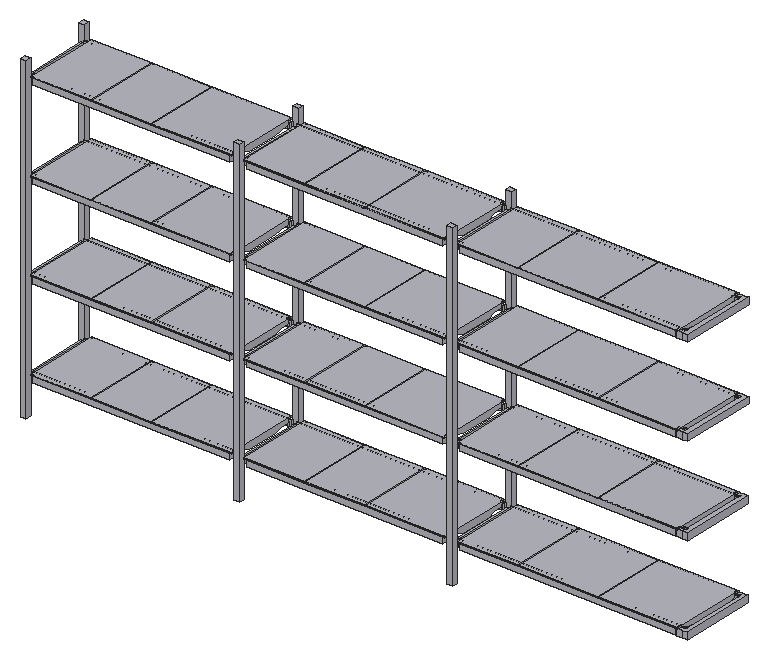
Revit family "QF_BOURGEAT_Rayonnage_modulaire_étagère_retour_Polypropylène", category Equipement spécialisé, Revit 2015
Parameters
  demi profondeur [instance] = Profondeur / 2  # 212.5 mm
  URL catalogue = "http://www.bourgeat.fr"
  URL = ""
  Type article = "Etagères de Base clayette polypropylène"
  Spécification du Fabricant = ""
  Profondeur hors tout = Profondeur  # 425 mm
  Longueur longeron 3 = if(LP3 = 1, 800 mm, if(LP3 = 2, 905 mm, if(LP3 = 3, 1015 mm, if(LP3 = 4, 1125 mm, if(LP3 = 5, 1230 mm, if(LP3 = 6, 1340 mm, if(LP3 = 7, 1450 mm, if(LP3 = 8, 1560 mm, if(LP3 = 9, 1665 mm, 800 mm)))))))))  # 1230 mm
  Longueur longeron 2 = if(LP2 = 1, 800 mm, if(LP2 = 2, 905 mm, if(LP2 = 3, 1015 mm, if(LP2 = 4, 1125 mm, if(LP2 = 5, 1230 mm, if(LP2 = 6, 1340 mm, if(LP2 = 7, 1450 mm, if(LP2 = 8, 1560 mm, if(LP2 = 9, 1665 mm, 800 mm)))))))))  # 1125 mm
  Longueur longeron 1 = if(LP1 = 1, 800 mm, if(LP1 = 2, 905 mm, if(LP1 = 3, 1015 mm, if(LP1 = 4, 1125 mm, if(LP1 = 5, 1230 mm, if(LP1 = 6, 1340 mm, if(LP1 = 7, 1450 mm, if(LP1 = 8, 1560 mm, if(LP1 = 9, 1665 mm, 800 mm)))))))))  # 1125 mm
  Longueur hors tout = Longueur  # 4010 mm
  Longueur entraxe 3 = if(LP3 = 1, 773 mm, if(LP3 = 2, 878 mm, if(LP3 = 3, 988 mm, if(LP3 = 4, 1093 mm, if(LP3 = 5, 1203 mm, if(LP3 = 6, 1313 mm, if(LP3 = 7, 1418 mm, if(LP3 = 8, 1528 mm, if(LP3 = 9, 1638 mm, 773 mm)))))))))  # 1203 mm
  Longueur entraxe 2 = if(LP2 = 1, 773 mm, if(LP2 = 2, 878 mm, if(LP2 = 3, 988 mm, if(LP2 = 4, 1093 mm, if(LP2 = 5, 1203 mm, if(LP2 = 6, 1313 mm, if(LP2 = 7, 1418 mm, if(LP2 = 8, 1528 mm, if(LP2 = 9, 1638 mm, 773 mm)))))))))  # 1093 mm
  Longueur entraxe 1 = if(LP1 = 1, 773 mm, if(LP1 = 2, 878 mm, if(LP1 = 3, 988 mm, if(LP1 = 4, 1093 mm, if(LP1 = 5, 1203 mm, if(LP1 = 6, 1313 mm, if(LP1 = 7, 1418 mm, if(LP1 = 8, 1528 mm, if(LP1 = 9, 1638 mm, 773 mm)))))))))  # 1093 mm
  Plateau 4 niveau [instance] = 5
  Plateau 3 niveau [instance] = 7
  Plateau 3 = Longueur retour > 3321 mm  # yes
  Plateau 2 niveau [instance] = 3
  Plateau 2 = Longueur retour > 1671 mm  # yes
  Plateau 1 niveau [instance] = 1
  Pl4N [instance] = if(Plateau 4 niveau < 1, 1, if(Plateau 4 niveau > 7, 7, Plateau 4 niveau))  # 5
  Pl3N [instance] = if(Plateau 3 niveau < 1, 1, if(Plateau 3 niveau > 7, 7, Plateau 3 niveau))  # 7
  Pl2N [instance] = if(Plateau 2 niveau < 1, 1, if(Plateau 2 niveau > 7, 7, Plateau 2 niveau))  # 3
  Pl1N [instance] = if(Plateau 1 niveau < 1, 1, if(Plateau 1 niveau > 7, 7, Plateau 1 niveau))  # 1
  Model = ""
  Longueur Plateau 3 = if(LP3 = 1, 758 mm, if(LP3 = 2, 866 mm, if(LP3 = 3, 975 mm, if(LP3 = 4, 1083 mm, if(LP3 = 5, 1191 mm, if(LP3 = 6, 1299 mm, if(LP3 = 7, 1408 mm, if(LP3 = 8, 1516 mm, if(LP3 = 9, 1624 mm, 758 mm)))))))))  # 1191 mm
  Longueur Plateau 2 = if(LP2 = 1, 758 mm, if(LP2 = 2, 866 mm, if(LP2 = 3, 975 mm, if(LP2 = 4, 1083 mm, if(LP2 = 5, 1191 mm, if(LP2 = 6, 1299 mm, if(LP2 = 7, 1408 mm, if(LP2 = 8, 1516 mm, if(LP2 = 9, 1624 mm, 758 mm)))))))))  # 1083 mm
  Longueur Plateau 1 = if(LP1 = 1, 758 mm, if(LP1 = 2, 866 mm, if(LP1 = 3, 975 mm, if(LP1 = 4, 1083 mm, if(LP1 = 5, 1191 mm, if(LP1 = 6, 1299 mm, if(LP1 = 7, 1408 mm, if(LP1 = 8, 1516 mm, if(LP1 = 9, 1624 mm, 758 mm)))))))))  # 1083 mm
  Longueur retour = Longueur - Epaisseur de retour  # 3595 mm
  Profondeur = 425 mm
  Longueur = 4010 mm
  Longeron = Acier inoxydable
  LP3 = 5
  LP2 = 4
  LP1 = 4
  Jeu = Longueur retour - (Longueur entraxe 1 + if(LP2 = 0, 0 mm, Longueur entraxe 2) + if(LP3 = 0, 0 mm, Longueur entraxe 3)) - 32 mm  # 174 mm
  HtPl4 [instance] = if(Pl4N * 240 mm - 23 mm < 0 mm, 0 mm, Pl4N * 240 mm - 23 mm)  # 1177 mm
  HtPl3 [instance] = if(Pl3N * 240 mm - 23 mm < 0 mm, 0 mm, Pl3N * 240 mm - 23 mm)  # 1657 mm
  HtPl2 [instance] = if(Pl2N * 240 mm - 23 mm < 0 mm, 0 mm, Pl2N * 240 mm - 23 mm)  # 697 mm
  HtPl1 [instance] = if(Pl1N * 240 mm - 23 mm < 0 mm, 0 mm, Pl1N * 240 mm - 23 mm)  # 217 mm
  Hauteur hors tout = 1730 mm
  Fabricant = "BOURGEAT"
  Epaisseur de retour = Profondeur - 10 mm  # 415 mm
  Description = ""
  Contact SAV = "0033(4).76.32.14.44"
  Type Comments = ""
  Clayette = Acier inoxydable
  Certification = "NF hygiene alimentaire"
  CentPl3 = if(LP3 = 0, 773 mm / 2, (Longueur retour - Calagepl3 - 32 mm) / 2)  # 630.5 mm
  CentPl2 = if(LP2 = 0, 773 mm / 2, if(LP3 = 0, (Longueur retour - Calagepl2 - 32 mm) / 2, (Calagepl3 - Calagepl2) / 2))  # 575.5 mm
  CentPl1 = if(LP2 = 0, (Longueur retour - 32 mm) / 2, Calagepl2 / 2)  # 575.5 mm
  Calagepl3 = if(Longueur retour < 3420 mm, 0 mm, Calagepl2 + if(Jeu < 0 mm, 0 mm, if(LP2 = 0, Jeu, if(LP3 = 0, Jeu / 2, Jeu / 3))) + Longueur entraxe 2)  # 2302 mm
  Calagepl2 = if(LP2 = 0, Jeu, if(LP3 = 0, Jeu / 2, Jeu / 3) + Longueur entraxe 1)  # 1151 mm
  4 niveaux plateau 3 = and([4 niveaux], Plateau 3)  # yes
  4 niveaux Plateau 2 = and([4 niveaux], Plateau 2)  # yes
  4 niveaux = yes
Reference planes
  plane 1 "Centre (avant/arrière)": y = 0
  plane 2: z = 0
  plane 3 "Centre (gauche/droite)": x = 0
  plane 4 "Gauche": x = -1797.5
  plane 5: x = 1797.5
  plane 6: y = 212.5
  plane 7: y = -212.5
  plane 8: x = -630.5
  plane 9: x = 520.5
  plane 10: z = 217
  plane 11: z = 697
  plane 12: z = 1657
  plane 13: z = 1177
  plane 14: x = -1781.5
  plane 15 "Droite": x = 1781.5
  plane 16: x = -1206
  plane 17: x = -55
  plane 18: x = 1151
  plane 19: x = 2212.5
Dimensions and locks
  equal spacing: plane 6, plane 1 "Centre (avant/arrière)", plane 7
  "Profondeur": plane 6 to plane 7
  "HtPl1": plane 10 to plane 2
  "HtPl2": plane 11 to plane 2
  "HtPl3": plane 12 to plane 2
  "HtPl4": plane 13 to plane 2
  equal spacing: plane 4 "Gauche", plane 3 "Centre (gauche/droite)", plane 5
  locked: plane 4 "Gauche" to plane 14 at 16
  locked: plane 15 "Droite" to plane 5 at 16
  "Calagepl2": plane 14 to plane 8
  "Calagepl3": plane 14 to plane 9
  "CentPl1": plane 14 to plane 16
  "CentPl2": plane 8 to plane 17
  "CentPl3": plane 9 to plane 18
  "Epaisseur de retour": plane 5 to plane 19
  "Longueur": plane 4 "Gauche" to plane 19
  aligned and locked: level to plane 2
  aligned and locked: plane 1 "Centre (avant/arrière)" to nested 1
  aligned and locked: plane 1 "Centre (avant/arrière)" to nested 3
  aligned and locked: plane 1 "Centre (avant/arrière)" to nested 4
  aligned and locked: plane 14 to nested 5
  aligned and locked: plane 8 to nested 6
  aligned and locked: plane 9 to nested 7
  aligned and locked: nested 5 to plane 1 "Centre (avant/arrière)"
  aligned and locked: plane 1 "Centre (avant/arrière)" to nested 6
  aligned and locked: plane 1 "Centre (avant/arrière)" to nested 7
  aligned and locked: plane 10 to nested 8
  aligned and locked: plane 10 to nested 9
  aligned and locked: plane 10 to nested 10
  aligned and locked: plane 11 to nested 11
  aligned and locked: plane 11 to nested 12
  aligned and locked: plane 11 to nested 13
  aligned and locked: plane 13 to nested 15
  aligned and locked: plane 13 to nested 16
  aligned and locked: plane 13 to nested 14
  aligned and locked: plane 12 to nested 17
  aligned and locked: plane 12 to nested 18
  aligned and locked: plane 12 to nested 19
  aligned and locked: plane 16 to nested 8
  aligned and locked: plane 16 to nested 11
  aligned and locked: plane 16 to nested 14
  aligned and locked: plane 16 to nested 17
  aligned and locked: plane 17 to nested 9
  aligned and locked: plane 17 to nested 12
  aligned and locked: plane 17 to nested 15
  aligned and locked: plane 17 to nested 18
  aligned and locked: plane 18 to nested 10
  aligned and locked: plane 18 to nested 13
  aligned and locked: plane 18 to nested 16
  aligned and locked: plane 18 to nested 19
  aligned and locked: nested 8 to plane 1 "Centre (avant/arrière)"
  aligned and locked: plane 1 "Centre (avant/arrière)" to nested 9
  aligned and locked: plane 1 "Centre (avant/arrière)" to nested 10
  aligned and locked: nested 11 to plane 1 "Centre (avant/arrière)"
  aligned and locked: plane 1 "Centre (avant/arrière)" to nested 12
  aligned and locked: plane 1 "Centre (avant/arrière)" to nested 13
  aligned and locked: nested 14 to plane 1 "Centre (avant/arrière)"
  aligned and locked: plane 1 "Centre (avant/arrière)" to nested 15
  aligned and locked: plane 1 "Centre (avant/arrière)" to nested 16
  aligned and locked: nested 17 to plane 1 "Centre (avant/arrière)"
  aligned and locked: plane 1 "Centre (avant/arrière)" to nested 18
  aligned and locked: plane 1 "Centre (avant/arrière)" to nested 19
  aligned and locked: nested 4 to plane 5
  aligned and locked: nested 3 to plane 5
  aligned and locked: nested 2 to plane 5
  aligned and locked: nested 1 to plane 5
Nested families
  nested 1: "Element angle" at (1797.5, 0, 215) x (0, -1, 0) z (0, 0, 1), type "Element angle"
    with Longueur 425 mm
  nested 2: "Element angle" at (1797.5, 0, 695) x (0, -1, 0) z (0, 0, 1), type "Element angle"
    with Longueur 425 mm
  nested 3: "Element angle" at (1797.5, 0, 1175) x (0, -1, 0) z (0, 0, 1), visible <- "4 niveaux", type "Element angle"
    with Longueur 425 mm
  nested 4: "Element angle" at (1797.5, 0, 1655) x (0, -1, 0) z (0, 0, 1), type "Element angle"
    with Longueur 425 mm
  nested 5: "Portique" at (-1797.5, 0, 0), type "Portique"
    with Largeur 425 mm
  nested 6: "Portique" at (-646.5, 0, 0), visible <- "Plateau 2", type "Portique"
    with Largeur 425 mm
  nested 7: "Portique" at (504.5, 0, 0), visible <- "Plateau 3", type "Portique"
    with Largeur 425 mm
  nested 8: "Plateau" at (-1206, 0, 217), Largeur <- "Profondeur", Longueur <- "Longueur Plateau 1", Longueur Longeron <- "Longueur longeron 1", type "Plateau polypropylène"
    with Longueur4 433 mm, Longueur3 1083 mm, Longueur2 650 mm, Longueur1 325 mm, Longueur Longeron 1125 mm, Longueur 1083 mm, Largeur 425 mm, Clayette4 no, Clayette3 yes, Clayette 4 433 mm, Clayette 3 433 mm, Clayette 2 325 mm, Clayette 1 325 mm
  nested 9: "Plateau" at (-55, 0, 217), Largeur <- "Profondeur", Longueur <- "Longueur Plateau 2", Longueur Longeron <- "Longueur longeron 2", visible <- "Plateau 2", type "Plateau polypropylène"
    with Longueur4 433 mm, Longueur3 1083 mm, Longueur2 650 mm, Longueur1 325 mm, Longueur Longeron 1125 mm, Longueur 1083 mm, Largeur 425 mm, Clayette4 no, Clayette3 yes, Clayette 4 433 mm, Clayette 3 433 mm, Clayette 2 325 mm, Clayette 1 325 mm
  nested 10: "Plateau" at (1151, 0, 217), Largeur <- "Profondeur", Longueur <- "Longueur Plateau 3", Longueur Longeron <- "Longueur longeron 3", visible <- "Plateau 3", type "Plateau polypropylène"
    with Longueur4 433 mm, Longueur3 1191 mm, Longueur2 758 mm, Longueur1 325 mm, Longueur Longeron 1230 mm, Longueur 1191 mm, Largeur 425 mm, Clayette4 no, Clayette3 yes, Clayette 4 433 mm, Clayette 3 433 mm, Clayette 2 433 mm, Clayette 1 325 mm
  nested 11: "Plateau" at (-1206, 0, 697), Largeur <- "Profondeur", Longueur <- "Longueur Plateau 1", Longueur Longeron <- "Longueur longeron 1", type "Plateau polypropylène"
    with Longueur4 433 mm, Longueur3 1083 mm, Longueur2 650 mm, Longueur1 325 mm, Longueur Longeron 1125 mm, Longueur 1083 mm, Largeur 425 mm, Clayette4 no, Clayette3 yes, Clayette 4 433 mm, Clayette 3 433 mm, Clayette 2 325 mm, Clayette 1 325 mm
  nested 12: "Plateau" at (-55, 0, 697), Largeur <- "Profondeur", Longueur <- "Longueur Plateau 2", Longueur Longeron <- "Longueur longeron 2", visible <- "Plateau 2", type "Plateau polypropylène"
    with Longueur4 433 mm, Longueur3 1083 mm, Longueur2 650 mm, Longueur1 325 mm, Longueur Longeron 1125 mm, Longueur 1083 mm, Largeur 425 mm, Clayette4 no, Clayette3 yes, Clayette 4 433 mm, Clayette 3 433 mm, Clayette 2 325 mm, Clayette 1 325 mm
  nested 13: "Plateau" at (1151, 0, 697), Largeur <- "Profondeur", Longueur <- "Longueur Plateau 3", Longueur Longeron <- "Longueur longeron 3", visible <- "Plateau 3", type "Plateau polypropylène"
    with Longueur4 433 mm, Longueur3 1191 mm, Longueur2 758 mm, Longueur1 325 mm, Longueur Longeron 1230 mm, Longueur 1191 mm, Largeur 425 mm, Clayette4 no, Clayette3 yes, Clayette 4 433 mm, Clayette 3 433 mm, Clayette 2 433 mm, Clayette 1 325 mm
  nested 14: "Plateau" at (-1206, 0, 1177), Largeur <- "Profondeur", Longueur <- "Longueur Plateau 1", Longueur Longeron <- "Longueur longeron 1", visible <- "4 niveaux", type "Plateau polypropylène"
    with Longueur4 433 mm, Longueur3 1083 mm, Longueur2 650 mm, Longueur1 325 mm, Longueur Longeron 1125 mm, Longueur 1083 mm, Largeur 425 mm, Clayette4 no, Clayette3 yes, Clayette 4 433 mm, Clayette 3 433 mm, Clayette 2 325 mm, Clayette 1 325 mm
  nested 15: "Plateau" at (-55, 0, 1177), Largeur <- "Profondeur", Longueur <- "Longueur Plateau 2", Longueur Longeron <- "Longueur longeron 2", visible <- "4 niveaux Plateau 2", type "Plateau polypropylène"
    with Longueur4 433 mm, Longueur3 1083 mm, Longueur2 650 mm, Longueur1 325 mm, Longueur Longeron 1125 mm, Longueur 1083 mm, Largeur 425 mm, Clayette4 no, Clayette3 yes, Clayette 4 433 mm, Clayette 3 433 mm, Clayette 2 325 mm, Clayette 1 325 mm
  nested 16: "Plateau" at (1151, 0, 1177), Largeur <- "Profondeur", Longueur <- "Longueur Plateau 3", Longueur Longeron <- "Longueur longeron 3", visible <- "4 niveaux plateau 3", type "Plateau polypropylène"
    with Longueur4 433 mm, Longueur3 1191 mm, Longueur2 758 mm, Longueur1 325 mm, Longueur Longeron 1230 mm, Longueur 1191 mm, Largeur 425 mm, Clayette4 no, Clayette3 yes, Clayette 4 433 mm, Clayette 3 433 mm, Clayette 2 433 mm, Clayette 1 325 mm
  nested 17: "Plateau" at (-1206, 0, 1657), Largeur <- "Profondeur", Longueur <- "Longueur Plateau 1", Longueur Longeron <- "Longueur longeron 1", type "Plateau polypropylène"
    with Longueur4 433 mm, Longueur3 1083 mm, Longueur2 650 mm, Longueur1 325 mm, Longueur Longeron 1125 mm, Longueur 1083 mm, Largeur 425 mm, Clayette4 no, Clayette3 yes, Clayette 4 433 mm, Clayette 3 433 mm, Clayette 2 325 mm, Clayette 1 325 mm
  nested 18: "Plateau" at (-55, 0, 1657), Largeur <- "Profondeur", Longueur <- "Longueur Plateau 2", Longueur Longeron <- "Longueur longeron 2", visible <- "Plateau 2", type "Plateau polypropylène"
    with Longueur4 433 mm, Longueur3 1083 mm, Longueur2 650 mm, Longueur1 325 mm, Longueur Longeron 1125 mm, Longueur 1083 mm, Largeur 425 mm, Clayette4 no, Clayette3 yes, Clayette 4 433 mm, Clayette 3 433 mm, Clayette 2 325 mm, Clayette 1 325 mm
  nested 19: "Plateau" at (1151, 0, 1657), Largeur <- "Profondeur", Longueur <- "Longueur Plateau 3", Longueur Longeron <- "Longueur longeron 3", visible <- "Plateau 3", type "Plateau polypropylène"
    with Longueur4 433 mm, Longueur3 1191 mm, Longueur2 758 mm, Longueur1 325 mm, Longueur Longeron 1230 mm, Longueur 1191 mm, Largeur 425 mm, Clayette4 no, Clayette3 yes, Clayette 4 433 mm, Clayette 3 433 mm, Clayette 2 433 mm, Clayette 1 325 mm
Definition of nested family "Element angle"
  Parameters (values of type "Element angle")
    URL = "http://www.matferbourgeat.com"
    Model = ""  # constant formula
    Matériaux = none
    Longueur = 1125 mm
    Manufacturer = "BOURGEAT"
    Description = "Elément d'angle en acier inoxydable"
    Type Comments = "Elément d'angle"
  Reference planes
    plane 1 "Avant": y = 0
    plane 2: z = 0
    plane 3 "Centre (gauche/droite)": x = 0
    plane 4: x = -562.5
    plane 5: x = 562.5
    plane 6: y = -25
    plane 7: z = -36
    plane 8: x = -554.5
    plane 9: x = 554.5
  Forms (mm)
    Extrusion 1, solid, material <- "Matériaux"
      sketch origin (0, 0, 0) x (1, 0, 0) y (0, 1, 0)
        loop
          line (-554.5, 0) -> (-554.5, -25) -> (-554.5, -60) -> (-534.5, -60) -> (-534.5, -25) -> (-524.5, -25) -> (-524.5, -60) -> (-519.5, -60) -> (-519.5, -25) -> (519.5, -25) -> (519.5, -60) -> (524.5, -60) -> (524.5, -25) -> (534.5, -25) -> (534.5, -60) -> (554.5, -60) -> (554.5, -25) -> (554.5, 0) -> (-554.5, 0)
      from 0 to -36
  Dimensions and locks
    equal spacing: plane 4, plane 3 "Centre (gauche/droite)", plane 5
    "Longueur": plane 4 to plane 5
    locked: plane 6 to plane 1 "Avant" at 25
    locked: level to plane 7 at 36
    locked: plane 4 to plane 8 at 8
    locked: plane 9 to plane 5 at 8
    Extrusion 1 sketch curve to Extrusion 1 sketch curve to Extrusion 1 sketch curve to Extrusion 1 sketch curve = 20 mm locked, 10 mm locked, 5 mm locked  (x2)
    aligned and locked: level to plane 2
    aligned and locked: plane 1 "Avant" to Extrusion 1 sketch curve
    aligned and locked: plane 6 to Extrusion 1 sketch curve
    aligned and locked: plane 9 to Extrusion 1
  Automatic sketch dimensions
    Extrusion 1 sketch curve to plane 8 = 0 mm
    Extrusion 1 sketch curve to plane 9 = 0 mm
    Extrusion 1 sketch curve to plane 6 = 0 mm  (x4)
    Extrusion 1 sketch curve to plane 6 = 35 mm  (x2)
    Extrusion 1 sketch curve to Extrusion 1 sketch curve = 0 mm  (x2)
Definition of nested family "Portique"
  Parameters (values of type "Portique")
    URL = "http://www.matferbourgeat.com"
    Model = ""
    Largeur = 600 mm
    Manufacturer = "BOURGEAT"
    Description = "Echelle aluminium anodisé 15 microns pour rayonnage modulable"
    Type Comments = "Echelle aluminium anodisé 15 microns"
  Reference planes
    plane 1 "Centre (avant/arrière)": y = 0
    plane 2: z = 0
    plane 3 "Centre (gauche/droite)": x = 0
    plane 4: y = 300
    plane 5: y = -300
    plane 6: z = 1730
    plane 7: x = 32
    plane 8: z = 1129
    plane 9: z = 649
    plane 10: z = 169
    plane 11: z = 1609
    plane 12: y = 272
    plane 13: y = -272
    plane 14: x = 16
  Forms (mm)
    Extrusion 1, solid
      sketch origin (0, 0, 0) x (1, 0, 0) y (0, 1, 0)
        loop
          line (0, 300) -> (0, 272) -> (32, 272) -> (32, 300) -> (0, 300)
        loop
          line (0, -300) -> (32, -300) -> (32, -272) -> (0, -272) -> (0, -300)
      from 0 to 1730
    Extrusion 2, solid
      sketch origin (0, 0, 0) x (1, 0, 0) y (0, 0, 1)
        loop
          line (11, 1609) -> (21, 1609) -> (21, 1639) -> (11, 1639) -> (11, 1609)
        loop
          line (11, 1129) -> (21, 1129) -> (21, 1159) -> (11, 1159) -> (11, 1129)
        loop
          line (11, 649) -> (21, 649) -> (21, 679) -> (11, 679) -> (11, 649)
        loop
          line (11, 169) -> (21, 169) -> (21, 199) -> (11, 199) -> (11, 169)
      from -272 to 272
  Dimensions and locks
    equal spacing: plane 4, plane 1 "Centre (avant/arrière)", plane 5
    "Largeur": plane 4 to plane 5
    locked: plane 6 to level at 1730
    plane 3 "Centre (gauche/droite)" to plane 7 = 32 mm
    plane 6 to plane 10 = 1561 mm
    plane 6 to plane 9 = 1081 mm
    plane 6 to plane 8 = 601 mm
    plane 6 to plane 11 = 121 mm
    plane 4 to plane 12 = 28 mm
    plane 13 to plane 5 = 28 mm
    equal spacing: plane 3 "Centre (gauche/droite)", plane 14, plane 7
    aligned and locked: level to plane 2
    aligned and locked: Extrusion 1 sketch curve to plane 7
    aligned and locked: plane 3 "Centre (gauche/droite)" to Extrusion 1 sketch curve
    aligned and locked: Extrusion 1 sketch curve to plane 4
    aligned and locked: Extrusion 1 sketch curve to plane 5
    aligned and locked: Extrusion 1 sketch curve to plane 3 "Centre (gauche/droite)"
    aligned and locked: plane 7 to Extrusion 1 sketch curve
    aligned and locked: Extrusion 1 to level
    aligned and locked: plane 6 to Extrusion 1
    aligned and locked: plane 11 to Extrusion 2 sketch curve
    aligned and locked: plane 12 to Extrusion 1 sketch curve
    aligned and locked: plane 13 to Extrusion 1 sketch curve
    aligned and locked: plane 12 to Extrusion 2
    aligned and locked: Extrusion 2 to plane 13
  Automatic sketch dimensions
    Extrusion 2 sketch curve to plane 10 = 0 mm
    Extrusion 2 sketch curve to plane 8 = 0 mm
    Extrusion 2 sketch curve to plane 9 = 0 mm
    plane 3 "Centre (gauche/droite)" to Extrusion 2 sketch curve = 11 mm  (x4)
    Extrusion 2 sketch curve to Extrusion 2 sketch curve = 10 mm  (x4)
    plane 10 to Extrusion 2 sketch curve = 30 mm
    Extrusion 2 sketch curve to Extrusion 2 sketch curve = 30 mm  (x3)
Definition of nested family "Plateau"
  Parameters (values of type "Plateau polypropylène")
    URL = "http://ww.matferbourgeat.com"
    Model = ""
    Longueur4 [instance] = if(Longueur < 1408 mm, 433 mm, Longueur3 + Clayette 4)  # 1624 mm
    Longueur3 [instance] = if(Longueur < 975 mm, 433 mm, Longueur2 + Clayette 3)  # 1191 mm
    Longueur2 [instance] = Longueur1 + Clayette 2  # 758 mm
    Longueur1 [instance] = Clayette 1  # 325 mm
    Longueur Longeron [instance] = 1125 mm
    Longueur [instance] = 1500 mm
    Longeron = none
    Largeur [instance] = 600 mm
    Manufacturer = "BOURGEAT"
    Description = "Niveau complet : Clayettes polypropylène +longerons"
    Type Comments = "Niveau complet pour étagère"
    Clayette4 [instance] = Longueur > 1407 mm  # yes
    Clayette3 [instance] = Longueur > 974 mm  # yes
    Clayette 4 [instance] = 433 mm  # constant formula
    Clayette 3 [instance] = if(or(Longueur = 975 mm, Longueur = 1408 mm), 325 mm, 433 mm)  # 433 mm
    Clayette 2 [instance] = if(or(Longueur = 975 mm, Longueur = 1083 mm, Longueur = 1408 mm, Longueur = 1516 mm), 325 mm, 433 mm)  # 433 mm
    Clayette 1 [instance] = if(or(Longueur = 866 mm, Longueur = 1299 mm), 433 mm, 325 mm)  # 325 mm
    Clayette = none
  Reference planes
    plane 1 "Centre (avant/arrière)": y = 0
    plane 2: z = 0
    plane 3 "Centre (gauche/droite)": x = 0
    plane 4: x = -425
    plane 5: x = 8
    plane 6: x = 441
    plane 7: y = 300
    plane 8: y = -300
    plane 9: x = -750
    plane 10: x = 874
    plane 11: x = 750
    plane 12: y = 265
    plane 13: y = -265
  Dimensions and locks
    equal spacing: plane 7, plane 1 "Centre (avant/arrière)", plane 8
    "Largeur": plane 7 to plane 8
    equal spacing: plane 9, plane 3 "Centre (gauche/droite)", plane 11
    "Longueur": plane 9 to plane 11
    "Longueur1": plane 9 to plane 4
    "Longueur2": plane 9 to plane 5
    "Longueur3": plane 9 to plane 6
    "Longueur4": plane 9 to plane 10
    locked: plane 7 to plane 12 at 35
    locked: plane 13 to plane 8 at 35
    aligned and locked: level to plane 2
    aligned and locked: plane 2 to nested 1
    aligned and locked: plane 2 to nested 2
    aligned and locked: plane 2 to nested 3
    aligned and locked: plane 2 to nested 4
    aligned and locked: plane 4 to nested 1
    aligned and locked: plane 5 to nested 2
    aligned and locked: plane 6 to nested 3
    aligned and locked: plane 10 to nested 4
    aligned and locked: plane 1 "Centre (avant/arrière)" to nested 1
    aligned and locked: plane 1 "Centre (avant/arrière)" to nested 2
    aligned and locked: plane 1 "Centre (avant/arrière)" to nested 3
    aligned and locked: plane 1 "Centre (avant/arrière)" to nested 4
    aligned and locked: nested 6 to plane 13
    aligned and locked: nested 5 to plane 12
    aligned and locked: plane 3 "Centre (gauche/droite)" to nested 5
    aligned and locked: nested 6 to plane 3 "Centre (gauche/droite)"
    aligned and locked: nested 6 to nested 4
    aligned and locked: nested 5 to nested 4
  Nested families
    nested 1: "Clayette" at (-587.5, 0, -36), Largeur <- "Largeur", Longueur <- "Clayette 1", type "Clayette polypropylène"
      with Longueur 325 mm, Largeur clayette 530 mm, Largeur 600 mm
    nested 2: "Clayette" at (-208.5, 0, -36), Largeur <- "Largeur", Longueur <- "Clayette 2", type "Clayette polypropylène"
      with Longueur 433 mm, Largeur clayette 530 mm, Largeur 600 mm
    nested 3: "Clayette" at (224.5, 0, -36), Largeur <- "Largeur", Longueur <- "Clayette 3", visible <- "Clayette3", type "Clayette polypropylène"
      with Longueur 433 mm, Largeur clayette 530 mm, Largeur 600 mm
    nested 4: "Clayette" at (657.5, 0, -36), Largeur <- "Largeur", Longueur <- "Clayette 4", visible <- "Clayette4", type "Clayette polypropylène"
      with Longueur 433 mm, Largeur clayette 530 mm, Largeur 600 mm
    nested 5: "Longeron" at (0, 290, -2), Longueur <- "Longueur Longeron", type "Longeron"
      with Longueur 1125 mm
    nested 6: "Longeron" at (0, -290, -2), Longueur <- "Longueur Longeron", type "Longeron"
      with Longueur 1125 mm
  Definition of nested family "Clayette"
    Parameters (values of type "Clayette polypropylène")
      URL = "http://www.matferbourgeat.com"
      Model = ""
      Longueur [instance] = 325 mm
      Largeur clayette [instance] = Largeur - 70 mm  # 530 mm
      Largeur [instance] = 600 mm
      Manufacturer = "BOURGEAT"
      Epaisseur = 36 mm
      Description = "Clayette polypropylène"
      Type Comments = "Clayette pour étagères"
      Clayette = none
    Reference planes
      plane 1 "Centre (avant/arrière)": y = 0
      plane 2: z = 0
      plane 3 "Centre (gauche/droite)": x = 0
      plane 4: x = -162.5
      plane 5: x = 162.5
      plane 6: y = 265
      plane 7: y = -265
      plane 8: z = 36
      plane 9: y = -290
      plane 10: y = 290
      plane 11: y = -165
      plane 12: y = 165
      plane 13: x = -155
      plane 14: x = 130
    Forms (mm)
      Extrusion 1, solid, material <- "Clayette"
        sketch origin (0, 0, 0) x (0, 1, 0) y (0, 0, 1)
          loop
            line (-292, 36) -> (-292, 32) -> (-290, 32) -> (-290, 34) -> (-265, 34) -> (-265, 19) -> (-263, 19) -> (-255, 19)
            arc (-255, 19) -> (-209.008, 14.198) -> (-165, 0) r 222.658
            line (-165, 0) -> (177.487, 0)
            arc (177.487, 0) -> (215.259, 10.207) -> (254.235, 13.645) r 222.658
            line (254.235, 13.645) -> (263, 13.645) -> (265, 13.645) -> (265, 34) -> (290, 34) -> (290, 32) -> (292, 32) -> (292, 36) -> (-292, 36)
        from -162.5 to 162.5
    Dimensions and locks
      equal spacing: plane 6, plane 1 "Centre (avant/arrière)", plane 7
      "Largeur clayette": plane 6 to plane 7
      equal spacing: plane 4, plane 3 "Centre (gauche/droite)", plane 5
      "Longueur": plane 4 to plane 5
      "Epaisseur": plane 8 to level
      locked: plane 9 to plane 7 at 25
      locked: plane 6 to plane 10 at 25
      locked: plane 7 to plane 11 at 100
      locked: plane 12 to plane 6 at 100
      locked: plane 13 to plane 4 at 7.5
      plane 5 to plane 14 = 32.5 mm
      aligned and locked: level to plane 2
      aligned and locked: plane 5 to Extrusion 1
      aligned and locked: Extrusion 1 to plane 4
    Automatic sketch dimensions
      Extrusion 1 sketch curve to plane 9 = 0 mm
      Extrusion 1 sketch curve to plane 7 = 0 mm
      Extrusion 1 sketch curve to level = 0 mm
      Extrusion 1 sketch curve to plane 6 = 0 mm
      Extrusion 1 sketch curve to plane 10 = 0 mm
      Extrusion 1 sketch curve to plane 9 = 2 mm
      plane 10 to Extrusion 1 sketch curve = 2 mm
      Extrusion 1 sketch curve to Extrusion 1 sketch curve = 76.748 mm
      Extrusion 1 sketch curve to level = 203.658 mm
      Extrusion 1 sketch curve to plane 8 = 22.355 mm
      Extrusion 1 sketch curve to plane 8 = 4 mm  (x2)
      Extrusion 1 sketch curve to Extrusion 1 sketch curve = 2 mm  (x2)
      Extrusion 1 sketch curve to plane 11 = 0 mm
      plane 7 to Extrusion 1 sketch curve = 2 mm
      Extrusion 1 sketch curve to Extrusion 1 sketch curve = 8 mm
      plane 12 to Extrusion 1 sketch curve = 12.487 mm
      Extrusion 1 sketch curve to plane 6 = 2 mm
      Extrusion 1 sketch curve to plane 8 = 0 mm
  Definition of nested family "Longeron"
    Parameters (values of type "Longeron")
      URL = "http://www.matferbourgeat.com"
      Model = ""  # constant formula
      Matériaux = none
      Longueur [instance] = 1125 mm
      Manufacturer = "BOURGEAT"
      Description = "Longeron aluminium anodisé 15 microns-section 25x36mm"
      Type Comments = "Longeron pour clayette"
    Reference planes
      plane 1 "Avant": y = 0
      plane 2: z = 0
      plane 3 "Centre (gauche/droite)": x = 0
      plane 4: x = -562.5
      plane 5: x = 562.5
      plane 6: y = -25
      plane 7: z = -36
      plane 8: x = -530.5
      plane 9: x = 530.5
    Forms (mm)
      Extrusion 1, solid, material <- "Matériaux"
        sketch origin (0, 0, 0) x (1, 0, 0) y (0, 1, 0)
          loop
            line (-562.5, 0) -> (-562.5, -25) -> (562.5, -25) -> (562.5, 0) -> (-562.5, 0)
        from 0 to -36
      Extrusion 2, void
        sketch origin (0, 0, 0) x (1, 0, 0) y (0, 1, 0)
          loop
            line (-562.5, 0) -> (-562.5, -18) -> (-530.5, -18) -> (-530.5, 0) -> (-562.5, 0)
          loop
            line (562.5, 0) -> (530.5, 0) -> (530.5, -18) -> (562.5, -18) -> (562.5, 0)
        from -36 to 0
      Extrusion 3, void
        sketch origin (0, 0, 0) x (1, 0, 0) y (0, 0, 1)
          loop
            line (-551.5, -13.5) -> (-551.5, -36) -> (-541.5, -36) -> (-541.5, -13.5)
            arc (-541.5, -13.5) -> (-546.5, -8.5) -> (-551.5, -13.5) r 5
          loop
            line (541.5, -13.5) -> (541.5, -36) -> (551.5, -36) -> (551.5, -13.5)
            arc (551.5, -13.5) -> (546.5, -8.5) -> (541.5, -13.5) r 5
        from 0 to 25
    Cuts and joins
      Extrusion 2, Extrusion 3 cuts Extrusion 1
    Dimensions and locks
      equal spacing: plane 4, plane 3 "Centre (gauche/droite)", plane 5
      "Longueur": plane 4 to plane 5
      locked: plane 6 to plane 1 "Avant" at 25
      locked: level to plane 7 at 36
      locked: plane 4 to plane 8 at 32
      locked: plane 9 to plane 5 at 32
      Extrusion 2 sketch curve to Extrusion 2 sketch curve to plane 6 = 18 mm locked, 7 mm locked
      plane 6 to Extrusion 2 sketch curve to Extrusion 2 sketch curve = 7 mm locked, 18 mm locked
      aligned and locked: level to plane 2
      aligned and locked: plane 1 "Avant" to Extrusion 1 sketch curve
      aligned and locked: plane 4 to Extrusion 1 sketch curve
      aligned and locked: plane 6 to Extrusion 1 sketch curve
      aligned and locked: Extrusion 1 sketch curve to plane 5
      aligned and locked: Extrusion 1 to level
      aligned and locked: Extrusion 1 to plane 7
      aligned and locked: Extrusion 2 sketch curve to plane 8
      aligned and locked: plane 1 "Avant" to Extrusion 2 sketch curve
      aligned and locked: plane 4 to Extrusion 2 sketch curve
      aligned and locked: Extrusion 2 to Extrusion 1
      aligned and locked: level to Extrusion 2
      aligned and locked: cut or joined group of Extrusion 1, Extrusion 2, Extrusion 3 to Extrusion 2 sketch curve
      aligned and locked: Extrusion 2 sketch curve to plane 9
      aligned and locked: Extrusion 3 to plane 6
      aligned and locked: Extrusion 3 to plane 1 "Avant"
    Automatic sketch dimensions
      Extrusion 3 sketch curve to plane 7 = 0 mm  (x2)
      plane 4 to Extrusion 3 sketch curve = 11 mm
      Extrusion 3 sketch curve to Extrusion 3 sketch curve = 5 mm  (x2)
      plane 9 to Extrusion 3 sketch curve = 11 mm
      Extrusion 3 sketch curve to level = 13.5 mm  (x2)
